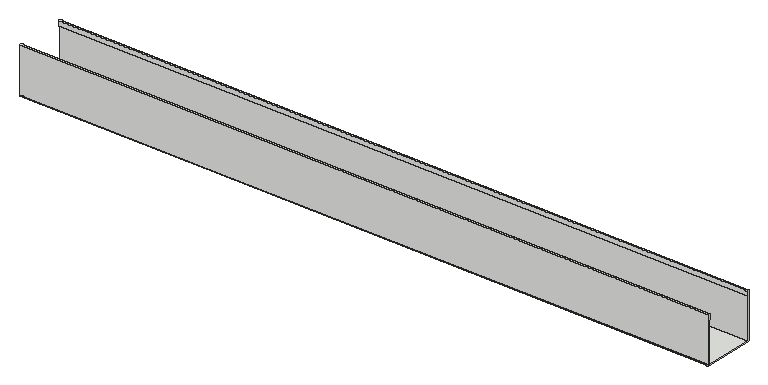
Revit family "PR780", category Mechanical Equipment, Revit 2018
Family settings
  Round Connector Dimension = Use Diameter
  Part Type = Normal
  OmniClass Number = 23.75.00.00
  OmniClass Title = Climate Control (HVAC)
  Work Plane-Based = No
  Always vertical = Yes
  Cut with Voids When Loaded = No
  Shared = No
  Room Calculation Point = No
Parameters (values of type "ISOLAMIN PR780 flashing")
  URL = "http://www.isolamin.se/"
  Thickness = "0.7 mm (Different thicknesses are available on request) \r\n0.7 mm (Different thicknesses are available on request) \r\n0.7 mm (Different thicknesses are available on request)"
  Profile Length = 1180 mm
  Model = "PR780"
  Material = "Galvanized Steel"
  Manufacturer = "ISOLAMIN AB"
  Edition = "1.0 (2018)"
Reference planes
  plane 1 "Center (Front/Back)": y = 0
  plane 2: z = 0
  plane 3 "Center (Left/Right)": x = 0
  plane 4: y = -1284.913
  plane 5: x = 1180
Forms (mm)
  Extrusion 1, solid, material "ISOLAMIN Surface Profile Material"
    sketch origin (0, 0, 0) x (0, 1, 0) y (0, 0, 1)
      loop
        line (-2, 70.7) -> (-1, 70.7) -> (-1, 1) -> (-84, 1) -> (-84, 70.7) -> (-83, 70.7) -> (-83, 79.256)
        arc (-83, 79.256) -> (-84, 80) -> (-85, 79.256) r 1.044
        line (-85, 79.256) -> (-85, 1)
        arc (-85, 1) -> (-84.707, 0.293) -> (-84, 0) r 1
        line (-84, 0) -> (-1, 0)
        arc (-1, 0) -> (-0.293, 0.293) -> (0, 1) r 1
        line (0, 1) -> (0, 79.256)
        arc (0, 79.256) -> (-1, 80) -> (-2, 79.256) r 1.044
        line (-2, 79.256) -> (-2, 70.7)
    from 0 to 1180
Dimensions and locks
  "Profile Length": plane 3 "Center (Left/Right)" to plane 5
  aligned and locked: level to plane 2
  aligned and locked: plane 5 to Extrusion 1
Automatic sketch dimensions
  Extrusion 1 sketch curve to level = 0 mm
  Extrusion 1 sketch curve to plane 1 "Center (Front/Back)" = 0 mm
  plane 1 "Center (Front/Back)" to Extrusion 1 sketch curve = 1 mm  (x3)
  Extrusion 1 sketch curve to Extrusion 1 sketch curve = 1 mm  (x3)
  Extrusion 1 sketch curve to Extrusion 1 sketch curve = 81 mm
  Extrusion 1 sketch curve to Extrusion 1 sketch curve = 0 mm  (x2)
  level to Extrusion 1 sketch curve = 1 mm
  Extrusion 1 sketch curve to Extrusion 1 sketch curve = 69.7 mm  (x2)
  Extrusion 1 sketch curve to Extrusion 1 sketch curve = 8.256 mm  (x2)
  Extrusion 1 sketch curve to Extrusion 1 sketch curve = 0.3 mm  (x2)
